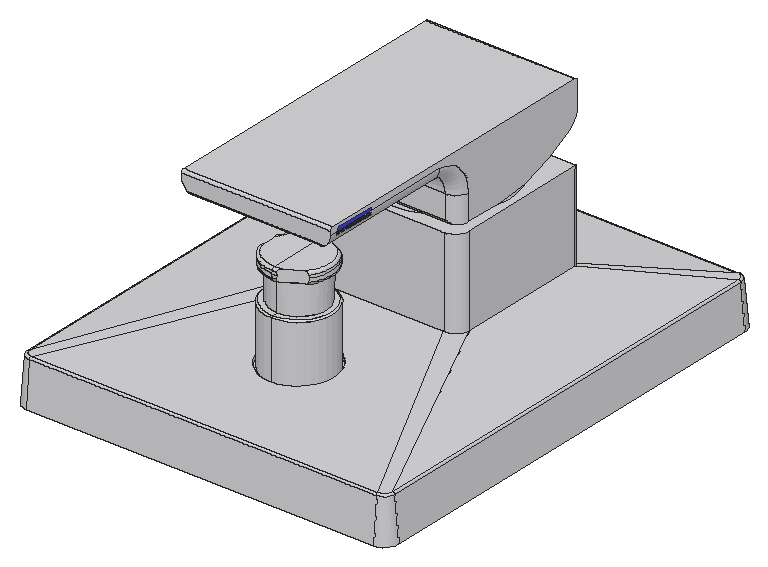
Revit family "Shower-Valve_Trim-KOHLER-MODULO-K-37335IN", category Specialty Equipment, host Face, Revit 2017
Family settings
  Host = Face
  Round Connector Dimension = Use Diameter
  Part Type = Normal
  OmniClass Number = 23.31.25.00
  OmniClass Title = Toilet and Bath Specialties
  Cut with Voids When Loaded = No
  Shared = No
  Room Calculation Point = No
Parameters (values of type "CP- Polished Chrome")
  Width = 135 mm  # constant formula
  WaterSense Certified = 1 = 0  # no
  URL = "https://www.kohler.co.in/"
  Type = 1
  Product Page URL = "https://www.kohler.co.in/product-detail/37335in-4fp?skuid=K-37335IN-4FP-CP"
  Product Name = "MODULO"  # constant formula
  Product Documentation Link = "http://resources.kohler.com/plumbing/kohlerindia/pdf/37335_4.pdf"
  Model = if(Type = 1, "K-37335IN-4FP-CP", if(Type = 2, "K-37335IN-4FP-AF", "NA"))  # "K-37335IN-4FP-CP"
  Material = " Premium Metal Construction"  # constant formula
  Master Format 2014 Name = "Toilet, Bath, and Laundry Accessories"  # constant formula
  Master Format 2014 = "10 28 00"  # constant formula
  Manufacturer Address = "Ambience Office Tower NH-8 Gurgaon / Gurugram Haryana , 122001"  # constant formula
  Manufacturer = "KOHLER Co."  # constant formula
  Length = 79 mm  # constant formula
  Height = 166 mm  # constant formula
  Finish = Kohler-Metal-CP-Polished_Chrome
  Environmental Product Declaration = ""
  Description = "RECESSED BATH & SHOWER TRIM"  # constant formula
  Default Elevation = 1066.8 mm
  Declare Label = ""
  Date Modified = "09/02/2020"  # constant formula
  Date Created = "09/02/2020"  # constant formula
  Copyright = "Copyright KOHLER Co."  # constant formula
  Contact Us = "https://www.kohler.co.in/contact-us"
  Assembly Code = "C1030200"
  ADA Compliant = 1 = 0  # no
Types (3, lengths in mm): name | Type | Product Page URL | Model | Finish
  (no name) | 1 | "https://www.kohler.co.in/product-detail/37335in-4fp?skuid=K-37335IN-4FP-CP" | "K-37335IN-4FP-CP" | Kohler-Metal-CP-Polished_Chrome
  CP- Polished Chrome | 1 | "https://www.kohler.co.in/product-detail/37335in-4fp?skuid=K-37335IN-4FP-CP" | "K-37335IN-4FP-CP" | Kohler-Metal-CP-Polished_Chrome
  AF- French Gold | 2 | "https://www.kohler.co.in/product-detail/37335in-4fp?skuid=K-37335IN-4FP-AF" | "K-37335IN-4FP-AF" | Kohler-Metal-AF-Vibrant_French_Gold
Reference planes
  plane 1 "Center (Front/Back)": y = 0
  plane 2: z = 0
  plane 3 "Center (Left/Right)": x = 0
  plane 4: y = 83
  plane 5: y = 25.181
  plane 6: y = -39.819
  plane 7: x = -67.5
  plane 8: x = -26.9
  plane 9: x = 67.5
  plane 10: x = 26.9
  plane 11: z = 79
  plane 12: y = -57.584
  plane 13: y = 53.181
  plane 14: z = 53.39
  plane 15: y = -83
Dimensions and locks
  plane 8 to plane 10 = 53.8 mm
  "Width": plane 7 to plane 9
  plane 13 to plane 12 = 110.766 mm
  plane 5 to plane 6 = 65 mm
  plane 5 to plane 12 = 82.766 mm
  "Length": level to plane 11
  "Height": plane 15 to plane 4
  aligned and locked: plane 2 to host face
  aligned and locked: level to host face
  aligned and locked: plane 1 "Center (Front/Back)" to nested 1
Automatic sketch dimensions
  host sketch curve to host sketch curve = 2438.4 mm  (x2)
Nested families
  nested 1: "K-37335IN" at (0, 0, 0), type "K-37335IN"
Definition of nested family "K-37335IN"
  Parameters (values of type "K-37335IN")
    Material = none
  Reference planes
    plane 1 "Center (Front/Back)": y = 0
    plane 2: z = 0
    plane 3 "Center (Left/Right)": x = 0
    plane 4: x = -67.5
    plane 5: y = 83
    plane 6: y = -39.819
    plane 7: y = 25.181
    plane 8: y = -57.584
    plane 9: y = 53.416
    plane 10: z = 78.81
    plane 11: x = -26.9
    plane 12: x = 26.9
    plane 13: z = 53.39
    plane 14: x = 67.5
    plane 15: y = -83
  Forms (mm)
    Extrusion 1, solid, material <- "Material", detail levels medium+fine
      sketch origin (0, 0, 0) x (1, 0, 0) y (0, 1, 0)
        loop
          arc (-26.161, 53.181) -> (-26.68, 52.967) -> (-26.895, 52.448) r 0.733
          line (-26.895, 52.448) -> (-26.895, 4.708)
          arc (-26.895, 4.708) -> (-25.43, 1.172) -> (-21.895, -0.292) r 5
          line (-21.895, -0.292) -> (21.9, -0.292)
          arc (21.9, -0.292) -> (25.436, 1.172) -> (26.9, 4.708) r 5
          line (26.9, 4.708) -> (26.9, 52.451)
          arc (26.9, 52.451) -> (26.686, 52.968) -> (26.17, 53.181) r 0.73
          line (26.17, 53.181) -> (-26.161, 53.181)
      from 14.102 to 50.536
    Revolve 2, solid, material <- "Material", detail levels medium+fine
      sketch origin (0, 0, 0) x (0, 1, 0) y (0, 0, 1)
        loop
          arc (46.647, 54.383) -> (45.687, 59.823) -> (43.29, 64.8) r 20.211
          line (43.29, 64.8) -> (26.5, 64.8) -> (26.5, 49.682) -> (50.5, 49.682) -> (50.5, 50.496)
          arc (50.5, 50.496) -> (49.934, 51.889) -> (48.557, 52.493) r 1.998
          arc (48.557, 52.493) -> (47.228, 53.061) -> (46.647, 54.383) r 1.965
        axis (26.5, 64.8) -> (26.5, 49.682)
      angle from 0 to 360
    Extrusion 3, solid, material <- "Material", detail levels medium+fine
      sketch origin (0, 0, 0) x (0, 1, 0) y (0, 0, 1)
        loop
          line (53.151, 69.46) -> (53.224, 77.81)
          arc (53.224, 77.81) -> (52.937, 78.516) -> (52.233, 78.81) r 0.992
          line (52.233, 78.81) -> (-56.738, 78.81)
          arc (-56.738, 78.81) -> (-57.336, 78.562) -> (-57.584, 77.963) r 0.846
          line (-57.584, 77.963) -> (-57.584, 72.481)
          arc (-57.584, 72.481) -> (-57.385, 71.999) -> (-56.904, 71.8) r 0.681
          line (-56.904, 71.8) -> (-8.909, 71.8)
          arc (-8.909, 71.8) -> (-2.791, 69.281) -> (-0.219, 63.185) r 8.69
          line (-0.219, 63.185) -> (-0.143, 54.493)
          arc (-0.143, 54.493) -> (0.064, 54.003) -> (0.556, 53.8) r 0.699
          line (0.556, 53.8) -> (18.419, 53.8)
          arc (18.419, 53.8) -> (24.035, 54.103) -> (29.586, 55.009) r 52.151
          arc (29.586, 55.009) -> (40.069, 58.305) -> (49.807, 63.4) r 61.984
          arc (49.807, 63.4) -> (52.246, 66.007) -> (53.151, 69.46) r 7.277
      from -26.9 to 26.9
    Sweep 4, void
      path in 3D
        loop
          line (-26.9, -0.12, 51.901) -> (-26.9, -0.219, 63.185)
          arc (-26.9, -0.219, 63.185) -> (-26.9, -2.791, 69.281) -> (-26.9, -8.909, 71.8) r 8.69
          line (-26.9, -8.909, 71.8) -> (-26.9, -58.883, 71.8)
      profile origin (-26.9, -33.896, 71.8) x (-1, 0, 0) y (0, 0, -1)
        loop
          line (0, -4.7) -> (0, 0) -> (-4.7, 0)
          arc (-4.7, 0) -> (-1.377, -1.377) -> (0, -4.7) r 4.7
    Revolve 5, solid, material <- "Material", detail levels medium+fine
      sketch origin (0, 0, 0) x (0, 1, 0) y (0, 0, 1)
        loop
          line (-28.73, 38) -> (-28.51, 48.972)
          arc (-28.51, 48.972) -> (-28.351, 49.341) -> (-27.979, 49.493) r 0.531
          line (-27.979, 49.493) -> (-27.064, 49.493)
          arc (-27.064, 49.493) -> (-26.708, 49.636) -> (-26.553, 49.986) r 0.511
          line (-26.553, 49.986) -> (-26.5, 51.493) -> (-26.533, 52.428)
          arc (-26.533, 52.428) -> (-26.836, 53.11) -> (-27.529, 53.39) r 0.997
          line (-27.529, 53.39) -> (-38.5, 53.39) -> (-38.5, 14.864) -> (-26.25, 14.864) -> (-26.25, 37.444) -> (-26.806, 38) -> (-28.73, 38)
        axis (-38.5, 53.39) -> (-38.5, 14.864)
      angle from 0 to 360
    Extrusion 6, void
      sketch origin (0, 0, 0) x (1, 0, 0) y (0, 1, 0)
        loop
          arc (-11.442, -44.874) -> (-10.509, -38.046) -> (-11.721, -31.263) r 22.139
          line (-11.721, -31.263) -> (-12.983, -31.263) -> (-12.983, -44.874) -> (-11.442, -44.874)
        loop
          line (0.668, -51.163) -> (1.267, -52.201) -> (11.049, -46.554) -> (10.43, -45.482)
          arc (10.43, -45.482) -> (5.157, -47.648) -> (0.668, -51.163) r 20.838
        loop
          arc (0.668, -25.837) -> (5.157, -29.352) -> (10.43, -31.518) r 20.838
          line (10.43, -31.518) -> (11.049, -30.446) -> (1.267, -24.799) -> (0.668, -25.837)
      from 46.879 to 58.5
    Extrusion 7, solid, detail levels medium+fine
      sketch origin (0, 0, -1.501) x (0, 1, 0) y (0, 0, 1)
        loop
          line (-54.85, 77.005) -> (-39.85, 77.005) -> (-39.85, 79.207) -> (-54.85, 79.207) -> (-54.85, 77.005)
      from 25.698 to 26.903
    Extrusion 8, solid, detail levels medium+fine
      sketch origin (0, 0, -1.501) x (0, 1, 0) y (0, 0, -1)
        loop
          line (-54.85, -77.005) -> (-54.85, -79.207) -> (-39.85, -79.207) -> (-39.85, -77.005) -> (-54.85, -77.005)
      from 25.698 to 26.903
    Revolve 9, solid, material <- "Material", detail levels medium+fine
      sketch origin (0, 0.033, -1.627) x (0, 1, 0) y (0, 0, 1)
        loop
          line (-1.846, 66.749) -> (2.422, 68.053) -> (1.254, 72.317)
          arc (1.254, 72.317) -> (-1.466, 70.184) -> (-1.846, 66.749) r 4.461
        axis (-1.846, 66.749) -> (2.546, 68.091)
      angle from 0 to 360
    Revolve 10, solid, material <- "Material", detail levels coarse
      sketch origin (0, 0, 0) x (0, 1, 0) y (0, 0, 1)
        loop
          line (-38.5, 54.897) -> (-50.75, 54.897) -> (-50.75, 16) -> (-38.5, 16) -> (-38.5, 39.5) -> (-38.5, 54.897)
        axis (-38.5, 16) -> (-38.5, 54.897)
      angle from 0 to 360
    Extrusion 11, solid, material <- "Material", detail levels coarse
      sketch origin (0, 0, 0) x (0, 1, 0) y (0, 0, 1)
        loop
          line (55.3, 51.5) -> (-1.5, 51.5) -> (-1.5, 17.799) -> (55.3, 17.799) -> (55.3, 51.5)
      from -27.758 to 27.704
    Extrusion 12, solid, material <- "Material", detail levels coarse
      sketch origin (0, 0, 0) x (0, 1, 0) y (0, 0, 1)
        loop
          line (54.5, 51.5) -> (54.5, 78.81) -> (-56.5, 78.81) -> (-56.5, 73.301) -> (-0.292, 73.301) -> (-0.292, 51.5) -> (54.5, 51.5)
      from -26.9 to 26.9
    Sweep 13, void
      path in 3D
        loop
          line (26.9, -0.12, 51.901) -> (26.9, -0.219, 63.185)
          arc (26.9, -0.219, 63.185) -> (26.9, -2.791, 69.281) -> (26.9, -8.909, 71.8) r 8.69
          line (26.9, -8.909, 71.8) -> (26.9, -57.799, 71.8)
      profile origin (26.9, -33.354, 71.8) x (-1, 0, 0) y (0, 0, -1)
        loop
          arc (0, -4.7) -> (1.377, -1.377) -> (4.7, 0) r 4.7
          line (4.7, 0) -> (0, 0) -> (0, -4.7)
    Revolve 14, void
      sketch origin (0, 0, 0) x (0, 1, 0) y (0, 0, 1)
        loop
          line (-31.85, 69.126) -> (-31.85, 77.153)
          arc (-31.85, 77.153) -> (-44.018, 75.706) -> (-55.507, 71.446) r 51.882
          line (-55.507, 71.446) -> (-55.507, 69.126) -> (-31.85, 69.126)
        axis (-31.85, 77.153) -> (-31.85, 69.126)
      angle from 0 to 360
    Blend 15, solid, material <- "Material"
      base sketch origin (0, 0, 0) x (1, 0, 0) y (0, 1, 0)
        loop
          arc (-25.8, 53.181) -> (-26.578, 52.859) -> (-26.9, 52.081) r 1.1
          line (-26.9, 52.081) -> (-26.9, 4.808)
          arc (-26.9, 4.808) -> (-25.406, 1.201) -> (-21.8, -0.292) r 5.1
          line (-21.8, -0.292) -> (21.8, -0.292)
          arc (21.8, -0.292) -> (25.406, 1.201) -> (26.9, 4.808) r 5.1
          line (26.9, 4.808) -> (26.9, 52.081)
          arc (26.9, 52.081) -> (26.578, 52.859) -> (25.8, 53.181) r 1.1
          line (25.8, 53.181) -> (-25.8, 53.181)
      top sketch origin (0, 0, 0) x (1, 0, 0) y (0, 1, 0)
        loop
          arc (-62.5, 80.993) -> (-64.617, 80.117) -> (-65.493, 78) r 2.993
          line (-65.493, 78) -> (-65.493, -78)
          arc (-65.493, -78) -> (-64.617, -80.117) -> (-62.5, -80.993) r 2.993
          line (-62.5, -80.993) -> (62.5, -80.993)
          arc (62.5, -80.993) -> (64.617, -80.117) -> (65.493, -78) r 2.993
          line (65.493, -78) -> (65.493, 78)
          arc (65.493, 78) -> (64.617, 80.117) -> (62.5, 80.993) r 2.993
          line (62.5, 80.993) -> (-62.5, 80.993)
      from 18.628 to 16.161
    Sweep 16, solid, material <- "Material"
      path origin (0, 0, 0) x (1, 0, 0) y (0, 1, 0)
        loop
          line (-67.5, 78) -> (-67.5, -78)
          arc (-67.5, -78) -> (-66.036, -81.536) -> (-62.5, -83) r 5
          line (-62.5, -83) -> (62.5, -83)
          arc (62.5, -83) -> (66.036, -81.536) -> (67.5, -78) r 5
          line (67.5, -78) -> (67.5, 78)
          arc (67.5, 78) -> (66.036, 81.536) -> (62.5, 83) r 5
          line (62.5, 83) -> (-62.5, 83)
          arc (-62.5, 83) -> (-66.036, 81.536) -> (-67.5, 78) r 5
      profile origin (-67.5, 0, 0) x (1, 0, 0) y (0, 0, 1)
        loop
          line (0, 0) -> (3.608, 0) -> (3.608, 16.161) -> (2.007, 16.161)
          arc (2.007, 16.161) -> (1.565, 15.962) -> (1.358, 15.524) r 0.7
          line (1.358, 15.524) -> (0, 0)
    Extrusion 17, solid, material <- "Material"
      sketch origin (0, 0, 0) x (1, 0, 0) y (0, 1, 0)
        loop
          line (-63.892, 78) -> (-63.892, -78)
          arc (-63.892, -78) -> (-63.485, -78.985) -> (-62.5, -79.392) r 1.392
          line (-62.5, -79.392) -> (62.5, -79.392)
          arc (62.5, -79.392) -> (63.485, -78.985) -> (63.892, -78) r 1.392
          line (63.892, -78) -> (63.892, 78)
          arc (63.892, 78) -> (63.485, 78.985) -> (62.5, 79.392) r 1.392
          line (62.5, 79.392) -> (-62.5, 79.392)
          arc (-62.5, 79.392) -> (-63.485, 78.985) -> (-63.892, 78) r 1.392
      from 0 to 16.161
    Revolve 18, void
      sketch origin (0, 0, 0) x (0, 1, 0) y (0, 0, 1)
        loop
          arc (50.498, 71.062) -> (48.946, 74.427) -> (45.504, 75.8) r 5
          line (45.504, 75.8) -> (26.412, 75.8) -> (26.412, 49.804) -> (51.612, 49.804) -> (50.498, 71.062)
        axis (26.412, 75.8) -> (26.412, 49.804)
      angle from 0 to 360
    Revolve 19, void
      sketch origin (0, 0, 0) x (0, 1, 0) y (0, 0, 1)
        loop
          line (-25.471, 16.37) -> (-25.471, 17.486)
          arc (-25.471, 17.486) -> (-25.314, 17.85) -> (-24.941, 17.985) r 0.5
          line (-24.941, 17.985) -> (-24.941, 19.941) -> (-38.5, 19.941) -> (-38.5, 16.37) -> (-25.471, 16.37)
        axis (-38.5, 19.941) -> (-38.5, 16.37)
      angle from 0 to 360
    Extrusion 20, solid, material <- "Material", detail levels coarse
      sketch origin (0, 0, 0) x (1, 0, 0) y (0, 1, 0)
        loop
          line (-67.5, 83) -> (-67.5, -83) -> (67.5, -83) -> (67.5, 83) -> (-67.5, 83)
      from 0 to 18.628
  Cuts and joins
    Extrusion 6, Sweep 13, Revolve 14 cuts Extrusion 1
    Extrusion 6, Sweep 13, Revolve 14 cuts Revolve 2
    Sweep 4, Extrusion 6, Sweep 13, Revolve 14, Revolve 18 cuts Extrusion 3
    Extrusion 6, Sweep 13, Revolve 14 cuts Revolve 5
    Sweep 13, Revolve 14 cuts Revolve 9
    joined: Extrusion 1, Revolve 2, Extrusion 3, Revolve 5, Revolve 9
    joined: Revolve 10, Extrusion 11, Extrusion 12, Extrusion 20
    Revolve 19 cuts Extrusion 17
    joined: Sweep 16, Extrusion 17
    Revolve 19 cuts Blend 15
  Lines and regions (mm)
    Masking region 1
      outline origin (0, 0, 0) x (1, 0, 0) y (0, 1, 0)
        loop
          line (-67.5, 79) -> (-67.5, -79)
          arc (-67.5, -79) -> (-66.328, -81.828) -> (-63.5, -83) r 4
          line (-63.5, -83) -> (63.5, -83)
          arc (63.5, -83) -> (66.328, -81.828) -> (67.5, -79) r 4
          line (67.5, -79) -> (67.5, 79)
          arc (67.5, 79) -> (66.328, 81.828) -> (63.5, 83) r 4
          line (63.5, 83) -> (-63.5, 83)
          arc (-63.5, 83) -> (-66.328, 81.828) -> (-67.5, 79) r 4
    Masking region 2
      outline origin (0, 0, 0) x (1, 0, 0) y (0, 0, 1)
        loop
          line (67.5, 0) -> (66.142, 15.522)
          arc (66.142, 15.522) -> (65.918, 15.977) -> (65.445, 16.161) r 0.7
          line (65.445, 16.161) -> (26.9, 18.625) -> (26.9, 50.536) -> (24, 50.536)
          arc (24, 50.536) -> (23.427, 51.913) -> (22.05, 52.486) r 1.955
          arc (22.05, 52.486) -> (20.945, 52.851) -> (20.272, 53.8) r 1.866
          line (20.272, 53.8) -> (25.9, 53.8)
          arc (25.9, 53.8) -> (26.607, 54.093) -> (26.9, 54.8) r 1
          line (26.9, 54.8) -> (26.9, 77.71)
          arc (26.9, 77.71) -> (26.702, 78.198) -> (26.221, 78.41) r 0.7
          arc (26.221, 78.41) -> (13.112, 78.71) -> (0, 78.81) r 859.681
          arc (0, 78.81) -> (-13.112, 78.71) -> (-26.221, 78.41) r 859.681
          arc (-26.221, 78.41) -> (-26.702, 78.198) -> (-26.9, 77.71) r 0.7
          line (-26.9, 77.71) -> (-26.9, 54.8)
          arc (-26.9, 54.8) -> (-26.607, 54.093) -> (-25.9, 53.8) r 1
          line (-25.9, 53.8) -> (-20.272, 53.8)
          arc (-20.272, 53.8) -> (-20.945, 52.851) -> (-22.05, 52.486) r 1.866
          arc (-22.05, 52.486) -> (-23.427, 51.913) -> (-24, 50.536) r 1.955
          line (-24, 50.536) -> (-26.9, 50.536) -> (-26.9, 18.625) -> (-65.445, 16.161)
          arc (-65.445, 16.161) -> (-65.918, 15.977) -> (-66.142, 15.522) r 0.7
          line (-66.142, 15.522) -> (-67.5, 0) -> (0, 0) -> (67.5, 0)
    Masking region 3
      outline origin (0, 0, 0) x (0, 1, 0) y (0, 0, 1)
        loop
          line (83, 0) -> (81.642, 15.523)
          arc (81.642, 15.523) -> (81.439, 15.958) -> (81.004, 16.16) r 0.702
          line (81.004, 16.16) -> (53.181, 18.594) -> (53.181, 50.536) -> (50.5, 50.536)
          arc (50.5, 50.536) -> (49.947, 51.898) -> (48.597, 52.481) r 1.94
          arc (48.597, 52.481) -> (47.267, 53.018) -> (46.668, 54.321) r 1.943
          arc (46.668, 54.321) -> (46.248, 57.606) -> (45.347, 60.792) r 22.323
          arc (45.347, 60.792) -> (47.604, 62.05) -> (49.807, 63.4) r 61.984
          arc (49.807, 63.4) -> (52.246, 66.007) -> (53.151, 69.46) r 7.277
          line (53.151, 69.46) -> (53.224, 77.81)
          arc (53.224, 77.81) -> (52.937, 78.516) -> (52.233, 78.81) r 0.992
          line (52.233, 78.81) -> (-56.738, 78.81)
          arc (-56.738, 78.81) -> (-57.336, 78.562) -> (-57.584, 77.963) r 0.846
          line (-57.584, 77.963) -> (-57.584, 72.481)
          arc (-57.584, 72.481) -> (-57.385, 71.999) -> (-56.904, 71.8) r 0.681
          line (-56.904, 71.8) -> (-8.909, 71.8)
          arc (-8.909, 71.8) -> (-4.83, 70.783) -> (-1.705, 67.971) r 8.69
          arc (-1.705, 67.971) -> (-1.836, 65.17) -> (-0.216, 62.882) r 4.31
          line (-0.216, 62.882) -> (-0.216, 54.604)
          arc (-0.216, 54.604) -> (0.019, 54.035) -> (0.588, 53.8) r 0.804
          line (0.588, 53.8) -> (6.232, 53.8)
          arc (6.232, 53.8) -> (5.528, 52.848) -> (4.403, 52.481) r 1.943
          arc (4.403, 52.481) -> (3.053, 51.898) -> (2.5, 50.536) r 1.94
          line (2.5, 50.536) -> (-0.292, 50.536) -> (-0.292, 18.594) -> (-26.25, 17.8) -> (-26.25, 37.444) -> (-26.806, 38) -> (-28.73, 38) -> (-28.51, 48.998)
          arc (-28.51, 48.998) -> (-28.359, 49.349) -> (-28.005, 49.493) r 0.505
          line (-28.005, 49.493) -> (-27.037, 49.493)
          arc (-27.037, 49.493) -> (-26.657, 49.65) -> (-26.5, 50.03) r 0.537
          line (-26.5, 50.03) -> (-26.5, 52.381)
          arc (-26.5, 52.381) -> (-26.795, 53.094) -> (-27.508, 53.39) r 1.008
          line (-27.508, 53.39) -> (-38.5, 53.39) -> (-49.492, 53.39)
          arc (-49.492, 53.39) -> (-50.205, 53.094) -> (-50.5, 52.381) r 1.008
          line (-50.5, 52.381) -> (-50.5, 50.03)
          arc (-50.5, 50.03) -> (-50.343, 49.65) -> (-49.963, 49.493) r 0.537
          line (-49.963, 49.493) -> (-48.995, 49.493)
          arc (-48.995, 49.493) -> (-48.641, 49.349) -> (-48.49, 48.998) r 0.505
          line (-48.49, 48.998) -> (-48.27, 38) -> (-50.194, 38) -> (-50.75, 37.444) -> (-50.75, 17.052) -> (-81.057, 16.125)
          arc (-81.057, 16.125) -> (-81.451, 15.961) -> (-81.637, 15.577) r 0.601
          line (-81.637, 15.577) -> (-83, 0) -> (83, 0)
    sketch lines
      curve 1: line (-26.9, -8.909, 71.8) -> (-26.9, -58.883, 71.8)
      curve 2: arc (-26.9, -8.909, 71.8) -> (-26.9, -2.791, 69.281) -> (-26.9, -0.219, 63.185) r 8.69
      curve 3: line (-26.9, -0.12, 51.901) -> (-26.9, -0.219, 63.185)
      curve 4: line (26.9, -8.909, 71.8) -> (26.9, -57.799, 71.8)
      curve 5: arc (26.9, -8.909, 71.8) -> (26.9, -2.791, 69.281) -> (26.9, -0.219, 63.185) r 8.69
      curve 6: line (26.9, -0.12, 51.901) -> (26.9, -0.219, 63.185)
    symbolic lines, detail levels medium+fine
      curve 7: arc (0, 29.586, 55.009) -> (0, 37.663, 57.365) -> (0, 45.347, 60.792) r 61.984
      curve 8: arc (0, 18.419, 53.8) -> (0, 24.035, 54.103) -> (0, 29.586, 55.009) r 52.151
      curve 9: line (0, 6.232, 53.8) -> (0, 18.419, 53.8)
      curve 10: line (0, 50.5, 50.536) -> (0, 2.5, 50.536)
      curve 11: line (0, 48.597, 52.481) -> (0, 4.403, 52.481)
      curve 12: line (0, 46.668, 54.321) -> (0, 25.774, 54.321)
      curve 13: arc (0, -0.216, 62.882) -> (0, -0.565, 65.542) -> (0, -1.705, 67.971) r 8.727
      curve 14: line (0, -57.584, 76.762) -> (0, -54.85, 76.762)
      curve 15: line (0, -54.85, 75.504) -> (0, -39.85, 75.504)
      curve 16: line (0, -39.85, 75.504) -> (0, -39.85, 77.706)
      curve 17: line (0, -54.85, 77.706) -> (0, -54.85, 75.504)
      curve 18: line (0, -39.85, 77.706) -> (0, -54.85, 77.706)
      curve 19: line (0, -39.85, 76.756) -> (0, -8.722, 76.756)
      curve 20: line (0, 4.844, 53.8) -> (0, 4.844, 63.191)
      curve 21: arc (0, -8.722, 76.756) -> (0, 0.87, 72.783) -> (0, 4.844, 63.191) r 13.566
      curve 22: line (0, -80.993, 16.161) -> (0, 80.993, 16.161)
      curve 23: line (0, 53.181, 18.628) -> (0, -0.292, 18.628)
      curve 24: line (0, 4.844, 50.536) -> (0, 4.844, 18.628)
      curve 25: line (0, -50.75, 37.444) -> (0, -26.25, 37.444)
      curve 26: line (0, -28.73, 38) -> (0, -48.27, 38)
      curve 27: line (0, -28.005, 49.493) -> (0, -48.995, 49.493)
      curve 28: line (0, -26.624, 52.428) -> (0, -50.499, 52.428)
      curve 29: spline (0, -31.046, 49.493) -> (0, -31.07, 49.506) -> (0, -31.094, 49.526) -> (0, -31.117, 49.552) -> (0, -31.139, 49.585) -> (0, -31.161, 49.624) -> (0, -31.181, 49.67) -> (0, -31.199, 49.72) -> (0, -31.216, 49.776) -> (0, -31.231, 49.836) -> (0, -31.244, 49.901) -> (0, -31.256, 49.969) -> (0, -31.265, 50.04)
      curve 30: line (0, -31.265, 52.428) -> (0, -31.265, 50.04)
      curve 31: arc (0, -30.841, 53.39) -> (0, -31.154, 52.953) -> (0, -31.265, 52.428) r 1.302
      curve 32: spline (0, -33.937, 49.493) -> (0, -33.912, 49.506) -> (0, -33.888, 49.526) -> (0, -33.865, 49.552) -> (0, -33.843, 49.585) -> (0, -33.822, 49.624) -> (0, -33.802, 49.67) -> (0, -33.783, 49.72) -> (0, -33.767, 49.776) -> (0, -33.751, 49.836) -> (0, -33.738, 49.901) -> (0, -33.727, 49.969) -> (0, -33.717, 50.04)
      curve 33: line (0, -33.717, 52.428) -> (0, -33.717, 50.04)
      curve 34: arc (0, -34.142, 53.39) -> (0, -33.828, 52.953) -> (0, -33.717, 52.428) r 1.302
      curve 35: spline (0, -43.039, 49.493) -> (0, -43.063, 49.506) -> (0, -43.087, 49.526) -> (0, -43.11, 49.552) -> (0, -43.133, 49.585) -> (0, -43.154, 49.624) -> (0, -43.174, 49.67) -> (0, -43.192, 49.72) -> (0, -43.209, 49.776) -> (0, -43.224, 49.836) -> (0, -43.238, 49.901) -> (0, -43.249, 49.969) -> (0, -43.258, 50.04)
      curve 36: line (0, -43.258, 52.428) -> (0, -43.258, 50.04)
      curve 37: arc (0, -42.834, 53.39) -> (0, -43.147, 52.953) -> (0, -43.258, 52.428) r 1.302
      curve 38: spline (0, -45.93, 49.493) -> (0, -45.905, 49.506) -> (0, -45.882, 49.526) -> (0, -45.858, 49.552) -> (0, -45.836, 49.585) -> (0, -45.815, 49.624) -> (0, -45.795, 49.67) -> (0, -45.777, 49.72) -> (0, -45.76, 49.776) -> (0, -45.745, 49.836) -> (0, -45.731, 49.901) -> (0, -45.72, 49.969) -> (0, -45.711, 50.04)
      curve 39: line (0, -45.711, 52.428) -> (0, -45.711, 50.04)
      curve 40: arc (0, -46.135, 53.39) -> (0, -45.821, 52.953) -> (0, -45.711, 52.428) r 1.302
      curve 41: line (0, -26.5, 50.03) -> (0, -50.5, 50.03)
      curve 42: line (0, 78.019, 0) -> (0, 76.605, 16.161)
      curve 43: line (0, -78.019, 0) -> (0, -76.605, 16.161)
      curve 44: line (0, -26.25, 17.8) -> (0, -50.75, 17.052)
      curve 45: line (-65.493, 0, 16.161) -> (65.493, 0, 16.161)
      curve 46: line (26.9, 0, 18.628) -> (-26.9, 0, 18.628)
      curve 47: line (24, 0, 50.536) -> (-24, 0, 50.536)
      curve 48: line (-22.05, 0, 52.486) -> (22.04, 0, 52.486)
      curve 49: spline (-24.724, 0, 55.009) -> (-24.837, 0, 54.815) -> (-24.913, 0, 54.637) -> (-24.953, 0, 54.475) -> (-24.956, 0, 54.33) -> (-24.923, 0, 54.202) -> (-24.853, 0, 54.092) -> (-24.746, 0, 53.999) -> (-24.604, 0, 53.923) -> (-24.425, 0, 53.865) -> (-24.211, 0, 53.826) -> (-23.962, 0, 53.804) -> (-23.677, 0, 53.8)
      curve 50: line (-7.232, 0, 63.4) -> (-24.724, 0, 55.009)
      curve 51: spline (0, 0, 64.219) -> (-0.616, 0, 64.209) -> (-1.231, 0, 64.188) -> (-1.844, 0, 64.157) -> (-2.456, 0, 64.115) -> (-3.066, 0, 64.062) -> (-3.673, 0, 63.999) -> (-4.277, 0, 63.925) -> (-4.878, 0, 63.841) -> (-5.474, 0, 63.746) -> (-6.065, 0, 63.641) -> (-6.652, 0, 63.526) -> (-7.232, 0, 63.4)
      curve 52: spline (7.232, 0, 63.4) -> (6.651, 0, 63.511) -> (6.065, 0, 63.614) -> (5.473, 0, 63.71) -> (4.877, 0, 63.798) -> (4.276, 0, 63.878) -> (3.672, 0, 63.951) -> (3.065, 0, 64.015) -> (2.455, 0, 64.072) -> (1.843, 0, 64.121) -> (1.23, 0, 64.162) -> (0.615, 0, 64.194) -> (0, 0, 64.219)
      curve 53: line (24.724, 0, 55.009) -> (7.232, 0, 63.4)
      curve 54: spline (23.677, 0, 53.8) -> (23.963, 0, 53.807) -> (24.214, 0, 53.831) -> (24.429, 0, 53.873) -> (24.608, 0, 53.933) -> (24.751, 0, 54.009) -> (24.858, 0, 54.102) -> (24.927, 0, 54.213) -> (24.96, 0, 54.34) -> (24.957, 0, 54.483) -> (24.916, 0, 54.643) -> (24.838, 0, 54.818) -> (24.724, 0, 55.009)
      curve 55: arc (19.419, 0, 59.01) -> (19.901, 0, 56.976) -> (20.11, 0, 54.897) r 15.73
      curve 56: arc (20.11, 0, 54.897) -> (20.16, 0, 54.344) -> (20.272, 0, 53.8) r 4.895
      curve 57: arc (-19.419, 0, 59.01) -> (-19.901, 0, 56.976) -> (-20.11, 0, 54.897) r 15.73
      curve 58: arc (-20.11, 0, 54.897) -> (-20.16, 0, 54.344) -> (-20.272, 0, 53.8) r 4.895
      curve 59: line (-65.493, -78, 0) -> (-65.493, 78, 0)
      curve 60: arc (-62.5, -80.993, 0) -> (-64.617, -80.117, 0) -> (-65.493, -78, 0) r 2.993
      curve 61: line (62.5, -80.993, 0) -> (-62.5, -80.993, 0)
      curve 62: arc (65.493, -78, 0) -> (64.617, -80.117, 0) -> (62.5, -80.993, 0) r 2.993
      curve 63: line (65.493, 78, 0) -> (65.493, -78, 0)
      curve 64: arc (62.5, 80.993, 0) -> (64.617, 80.117, 0) -> (65.493, 78, 0) r 2.993
      curve 65: line (-62.5, 80.993, 0) -> (62.5, 80.993, 0)
      curve 66: arc (-65.493, 78, 0) -> (-64.617, 80.117, 0) -> (-62.5, 80.993, 0) r 2.993
      curve 67: line (-65.493, -78, 0) -> (-65.493, 78, 0)
      curve 68: line (26.9, -56.394, 0) -> (26.9, 51.991, 0)
      curve 69: line (-26.9, 52.006, 0) -> (-26.9, -56.394, 0)
      curve 70: line (25.709, 53.181, 0) -> (-25.724, 53.181, 0)
      curve 71: line (-25.709, -57.584, 0) -> (25.709, -57.584, 0)
      curve 72: arc (-25.724, 53.181, 0) -> (-26.556, 52.837, 0) -> (-26.9, 52.006, 0) r 1.176
      curve 73: arc (26.9, 51.991, 0) -> (26.551, 52.833, 0) -> (25.709, 53.181, 0) r 1.191
      curve 74: arc (-26.9, -56.394, 0) -> (-26.551, -57.235, 0) -> (-25.709, -57.584, 0) r 1.191
      curve 75: arc (25.709, -57.584, 0) -> (26.551, -57.235, 0) -> (26.9, -56.394, 0) r 1.191
  Dimensions and locks
    locked: plane 7 to plane 6 at 65
    locked: plane 9 to plane 8 at 111
    plane 10 to level = 78.81 mm
    plane 4 to plane 14 = 135 mm
    plane 5 to plane 15 = 166 mm
    plane 7 to plane 8 = 82.766 mm
    aligned and locked: plane 2 to level
